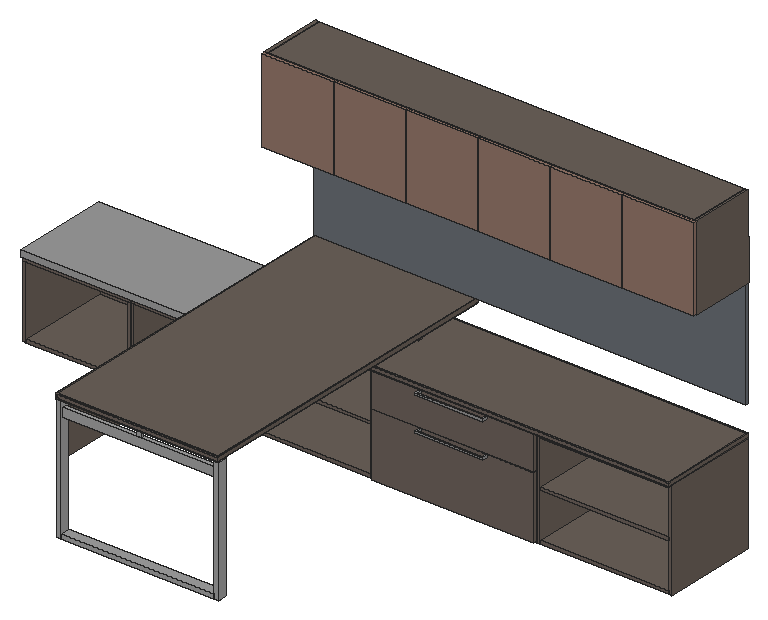
Revit family "T100312", category Furniture, Revit 2015 (continued)
Definition of nested family "STAKS SUPPORT O LEG"
  Dimensions and locks (in)
    aligned and locked: plane 11 to Extrusion 4
    aligned and locked: plane 16 to Extrusion 2
    aligned and locked: plane 16 to Extrusion 3
    aligned and locked: Revolve 5 sketch curve to plane 17
    aligned and locked: Revolve 5 sketch curve to plane 16
    aligned and locked: Extrusion 7 to plane 9
    aligned and locked: plane 12 to Extrusion 7
    aligned and locked: Extrusion 8 to plane 20
    aligned and locked: plane 19 to Extrusion 8
    aligned and locked: plane 11 to Extrusion 9
    aligned and locked: Extrusion 9 to plane 10
    aligned and locked: Extrusion 10 to plane 10
    aligned and locked: plane 11 to Extrusion 10
  Automatic sketch dimensions
    Extrusion 1 sketch curve to plane 5 = 0"  (x2)
    plane 10 to Extrusion 1 sketch curve = 0.1545"
    Extrusion 1 sketch curve to plane 11 = 0.1545"
    Masking region 1 sketch curve to plane 5 = 0"  (x2)
    plane 8 to Masking region 1 sketch curve = 0"
    Masking region 1 sketch curve to plane 6 = 0"
    plane 7 to Masking region 1 sketch curve = 0"
    Masking region 1 sketch curve to plane 3 "Center (Left/Right)" = 0"
    plane 10 to Masking region 1 sketch curve = 0.1545"
    Masking region 1 sketch curve to plane 11 = 0.1545"
    Masking region 2 sketch curve to plane 5 = 0"
    plane 8 to Masking region 2 sketch curve = 0"
    Masking region 2 sketch curve to plane 3 "Center (Left/Right)" = 0"
    plane 10 to Masking region 2 sketch curve = 0"
    Masking region 3 sketch curve to plane 5 = 0"
    plane 11 to Masking region 3 sketch curve = 0"
    Masking region 3 sketch curve to plane 3 "Center (Left/Right)" = 0"
    plane 7 to Masking region 3 sketch curve = 0"
    plane 3 "Center (Left/Right)" to Extrusion 4 sketch curve = 0.186"
    plane 14 "CENTER" to Extrusion 4 sketch curve = 0.186"
    Revolve 5 sketch curve to level = 0"  (x2)
    Revolve 5 sketch curve to plane 7 = 1/4"
    Revolve 5 sketch curve to plane 17 = 0"
    plane 16 to Revolve 5 sketch curve = 0"
    Revolve 6 sketch curve to level = 0"  (x2)
    plane 16 to Revolve 6 sketch curve = 0"  (x2)
    Revolve 6 sketch curve to plane 18 = 0"  (x2)
    Revolve 6 sketch curve to plane 8 = 1/4"
    Extrusion 7 sketch curve to plane 14 "CENTER" = 0.1565"
    Extrusion 7 sketch curve to plane 2 "Center (Front/Back)" = 0.59"
    Extrusion 7 sketch curve to plane 14 "CENTER" = 0.4715"
    plane 2 "Center (Front/Back)" to Extrusion 7 sketch curve = 0.59"
    Extrusion 8 sketch curve to plane 9 = 0"  (x2)
    Extrusion 8 sketch curve to plane 5 = 0"
    plane 5 to Extrusion 8 sketch curve = 0.28954"
    Extrusion 8 sketch curve to plane 12 = 0.64467"
    plane 14 "CENTER" to Extrusion 8 sketch curve = 3/8"
    plane 5 to Extrusion 8 sketch curve = 0.05201"
    Extrusion 8 sketch curve to Extrusion 8 sketch curve = 11/128"
    Extrusion 8 sketch curve to Extrusion 8 sketch curve = 0.08587"
    Extrusion 8 sketch curve to Extrusion 8 sketch curve = 0.64597"
    plane 9 to Extrusion 8 sketch curve = 0.08"
    Extrusion 8 sketch curve to Extrusion 8 sketch curve = 0.05201"
    Extrusion 8 sketch curve to plane 6 = 5/8"
    Extrusion 8 sketch curve to Extrusion 8 sketch curve = 0.00005"
    Extrusion 8 sketch curve to Extrusion 8 sketch curve = 0.00009"
    Extrusion 8 sketch curve to Extrusion 8 sketch curve = 0.03439"
    Extrusion 8 sketch curve to Extrusion 8 sketch curve = 0.08"
    Extrusion 9 sketch curve to plane 3 "Center (Left/Right)" = 0"
    Extrusion 9 sketch curve to plane 16 = 0"
    Extrusion 9 sketch curve to plane 5 = 0"
    Extrusion 9 sketch curve to Extrusion 9 sketch curve = 1"
    Extrusion 10 sketch curve to plane 13 = 0"
    Extrusion 10 sketch curve to plane 14 "CENTER" = 0"
    plane 3 "Center (Left/Right)" to Extrusion 10 sketch curve = 1/4"
    Extrusion 10 sketch curve to plane 16 = 1"
Definition of nested family "OFS ELEMENT OPEN L DESK LEFT AND RIGHT 84in Width 60in Return"
  Parameters (values of type "ELEMENT OPEN L DESK RIGHT RETURN 84in Width 60in Return")
    Worksurface Material = none
    Width = 84"
    URL = "http://www.ofsbrands.com/"
    Transaction Shelf Material = none
    Table Supp from Lateral = 2 5/8"
    Table Supp from Center = 11 1/8"
    Table Depth = 13 1/2"
    Right Return Desk Option = no
    Right Desk Ovelay [instance] = and(Right Return Desk Option, Desk Overlay Option)  # no
    Return Worksurface Width = 22"
    Paper Organizer Material = none
    Paper Organizer Depth = 12 3/4"
    Paper Organizer Clearance = 4 5/8"
    Paper Organizer Board Thickness = 3/4"
    Model = "EL-T84RL60C"
    Manufacturer = "OFS"
    Left Return Desk Option = yes
    Left Desk Overlay [instance] = and(Left Return Desk Option, Desk Overlay Option)  # yes
    Lateral Board Thickness = 1 3/16"
    Height = 45"
    Standoffs Material = none
    Groomet Material = none
    Desk Overlay Thickness = 1/8"
    Desk Overlay Option [instance] = yes
    Desk Overlay Material = none
    Desk Overlay = 6 1/2"
    Description = "OFS BRANDS OFS ELEMENT OPEN L DESK RIGHT RETURN 84\" Width, 84\"W x 34.3125\"D DESK, 60\"W x 22\"D RETURN With Paper Organizer"
    Desk Depth = 34 5/16"
    Depth = 94 5/16"
    Copyright © = "© 2018 OFS BRANDS"
    Catalog = "http://ofs.com/products/casegoods/reception/element"
    Bottom Board Offset = 0"
    Chassis Material = none
    Base Depth = 30"
    Back Board Thickness = 1 3/16"
    Authoring Version = "Autodesk Revit Architecture 2013"
    Assembly Code = "E2020200"
  Types (3): name | Model | Left Return Desk Option | Left Desk Overlay | Description
    (no name) | "EL-T84RL60C" | yes | yes | "OFS BRANDS OFS ELEMENT OPEN L DESK RIGHT RETURN 84\" Width, 84\"W x 34.3125\"D DESK, 60\"W x 22\"D RETURN With Paper Organizer"
    ELEMENT OPEN L DESK LEFT RETURN 84in Width 60in Return | "EL-T84LL60C" | no | no | "OFS BRANDS OFS ELEMENT OPEN L DESK LEFT RETURN 84\" Width, 84\"W x 34.3125\"D DESK, 60\"W x 22\"D RETURN With Paper Organizer"
    ELEMENT OPEN L DESK RIGHT RETURN 84in Width 60in Return | "EL-T84RL60C" | yes | yes | "OFS BRANDS OFS ELEMENT OPEN L DESK RIGHT RETURN 84\" Width, 84\"W x 34.3125\"D DESK, 60\"W x 22\"D RETURN With Paper Organizer"
  Reference planes (in)
    plane 1 "Center Front/Back": y = 0
    plane 2: z = 0
    plane 3 "Center Left/Right": x = 0
    plane 4 "Back External": y = 17.15625
    plane 5 "Right External": x = 42
    plane 6 "Front External": y = -17.15625
    plane 7 "Left External": x = -42
    plane 8 "Seat Height": z = 29.5
    plane 9 "Height": z = 45
    plane 10: x = 40.8125
    plane 11: x = -40.8125
    plane 12: y = 12.84375
    plane 13: y = 11.65625
    plane 14: y = 3.65625
    plane 15: z = 40.5
    plane 16: z = 28.5
    plane 17: z = 43.875
    plane 18: z = 39.375
    plane 19: z = 0
    plane 20: x = 39.375
    plane 21: x = 2.625
    plane 22: x = 35.5
    plane 23: z = 6.5
    plane 24: z = 34
    plane 25: y = 12.96875
    plane 26: y = -77.15625
    plane 27: x = -20
    plane 28: x = 20
    plane 29: y = -75.96875
    plane 30: x = -37
    plane 31: x = 37
    plane 32: y = -47.15625
    plane 33: x = 6.5
    plane 34: y = -18.34375
    plane 35: y = -75.21875
    plane 36: x = -40.0625
    plane 37: y = -19.09375
    plane 38: x = -28.0625
    plane 39: z = 34.125
    plane 40: z = 39.75
    plane 41: z = 34.875
    plane 42: y = -61.5625
    plane 43: y = -32.75
    plane 44: x = -28.8125
    plane 45: x = 20
    plane 46: x = 37
    plane 47: y = -19.09375
    plane 48: x = 28.0625
    plane 49: y = -61.5625
    plane 50: y = -32.75
    plane 51: x = 28.8125
    plane 52: x = -39.375
    plane 53: x = -2.625
    plane 54: x = -35.5
    plane 55: x = -6.5
  Forms (in)
    Extrusion 1, solid, material <- "Chassis Material", visible <- "Left Return Desk Option"
      sketch origin (0, 0, 0) x (1, 0, 0) y (0, 1, 0)
        loop
          line (42, 12.84375) -> (0, 12.84375) -> (0, 11.65625) -> (40.8125, 11.65625) -> (40.8125, -17.15625) -> (42, -17.15625) -> (42, 12.84375)
      from 0 to 40.5
    Extrusion 2, solid, material <- "Chassis Material", visible <- "Left Return Desk Option"
      sketch origin (0, 0, 6) x (1, 0, 0) y (0, 1, 0)
        loop
          line (0, 11.65625) -> (0, 3.65625) -> (40.8125, 3.65625) -> (40.8125, 11.65625) -> (0, 11.65625)
      from 33.375 to 34.5
    Extrusion 3, solid, material <- "Transaction Shelf Material", visible <- "Left Return Desk Option"
      sketch origin (0, 0, 6) x (1, 0, 0) y (0, 1, 0)
        loop
          line (0, 17.15625) -> (0, 3.65625) -> (42, 3.65625) -> (42, 17.15625) -> (0, 17.15625)
      from 37.875 to 39
    Extrusion 4, solid, material <- "Standoffs Material", visible <- "Left Return Desk Option"
      sketch origin (44.5, 0, 0) x (1, 0, 0) y (0, 1, 0)
        loop
          circle (-41.875, 10.04085) r 0.625
      from 40.5 to 43.875
    Extrusion 5, solid, material <- "Standoffs Material", visible <- "Left Return Desk Option"
      sketch origin (44.5, -4.75, 0) x (1, 0, 0) y (0, 1, 0)
        loop
          circle (-41.875, 10.04085) r 0.625
      from 40.5 to 43.875
    Extrusion 6, solid, material <- "Standoffs Material", visible <- "Left Return Desk Option"
      sketch origin (66.75, 0, 0) x (1, 0, 0) y (0, 1, 0)
        loop
          circle (-27.375, 10.04085) r 0.625
      from 40.5 to 43.875
    Extrusion 7, solid, material <- "Standoffs Material", visible <- "Left Return Desk Option"
      sketch origin (66.75, -4.75, 0) x (1, 0, 0) y (0, 1, 0)
        loop
          circle (-27.375, 10.04085) r 0.625
      from 40.5 to 43.875
    Extrusion 8, solid, material <- "Chassis Material", visible <- "Left Return Desk Option"
      sketch origin (0, 0, 0) x (1, 0, 0) y (0, 1, 0)
        loop
          line (-42, -17.15625) -> (-42, -77.15625) -> (-20, -77.15625) -> (-20, -75.96875) -> (-40.8125, -75.96875) -> (-40.8125, -18.34375) -> (-20, -18.34375) -> (-20, -17.15625) -> (-42, -17.15625)
      from 0 to 40.5
    Extrusion 9, solid, material <- "Worksurface Material", visible <- "Left Return Desk Option"
      sketch origin (14.83926, -32.43958, 0) x (1, 0, 0) y (0, 1, 0)
        loop
          line (-55.65176, 14.09583) -> (-55.65176, -43.52917) -> (-34.83926, -43.52917) -> (-34.83926, 14.09583) -> (-55.65176, 14.09583)
      from 28.5 to 29.5
    Extrusion 10, solid, material <- "Desk Overlay Material", visible <- "Left Desk Overlay"
      sketch origin (0, 0, 0) x (1, 0, 0) y (0, 0, 1)
        loop
          line (35.5, 34) -> (6.5, 34) -> (6.5, 6.5) -> (35.5, 6.5) -> (35.5, 34)
      from -12.96875 to -12.84375
    Extrusion 11, solid, material <- "Chassis Material", visible <- "Left Return Desk Option"
      sketch origin (-18.5848, -3.95032, 0) x (1, 0, 0) y (0, 1, 0)
        loop
          line (19.7723, 15.60657) -> (18.5848, 15.60657) -> (18.5848, 3.95032) -> (19.7723, 3.95032) -> (19.7723, 15.60657)
      from 0 to 28.5
    Extrusion 12, solid, material <- "Paper Organizer Material", visible <- "Left Return Desk Option"
      sketch origin (0, 0, 0) x (1, 0, 0) y (0, 1, 0)
        loop
          line (-28.0625, -19.09375) -> (-28.0625, -18.34375) -> (-40.8125, -18.34375) -> (-40.8125, -75.96875) -> (-28.0625, -75.96875) -> (-28.0625, -75.21875) -> (-40.0625, -75.21875) -> (-40.0625, -19.09375) -> (-28.0625, -19.09375)
      from 34.125 to 40.5
    Extrusion 13, solid, material <- "Paper Organizer Material", visible <- "Left Return Desk Option"
      sketch origin (0, 0, 0) x (1, 0, 0) y (0, 1, 0)
        loop
          line (-40.8125, -18.34375) -> (-40.8125, -75.96875) -> (-28.0625, -75.96875) -> (-28.0625, -18.34375) -> (-40.8125, -18.34375)
      from 39.75 to 40.5
    Extrusion 14, solid, material <- "Paper Organizer Material", visible <- "Left Return Desk Option"
      sketch origin (0, 0, 0) x (1, 0, 0) y (0, 1, 0)
        loop
          line (-40.8125, -18.34375) -> (-40.8125, -75.96875) -> (-28.0625, -75.96875) -> (-28.0625, -18.34375) -> (-40.8125, -18.34375)
      from 34.125 to 34.875
    Extrusion 15, solid, material <- "Paper Organizer Material", visible <- "Left Return Desk Option"
      sketch origin (0, 0, 0) x (1, 0, 0) y (0, 1, 0)
        loop
          line (-40.0625, -32.625) -> (-40.0625, -32.875) -> (-28.8125, -32.875) -> (-28.8125, -32.625) -> (-40.0625, -32.625)
      from 34.875 to 39.75
    Extrusion 16, solid, material <- "Paper Organizer Material", visible <- "Left Return Desk Option"
      sketch origin (0, -11.40625, 0) x (1, 0, 0) y (0, 1, 0)
        loop
          line (-40.0625, -35.625) -> (-40.0625, -35.875) -> (-28.8125, -35.875) -> (-28.8125, -35.625) -> (-40.0625, -35.625)
      from 34.875 to 39.75
    Extrusion 17, solid, material <- "Paper Organizer Material", visible <- "Left Return Desk Option"
      sketch origin (0, -22.8125, 0) x (1, 0, 0) y (0, 1, 0)
        loop
          line (-40.0625, -38.625) -> (-40.0625, -38.875) -> (-28.8125, -38.875) -> (-28.8125, -38.625) -> (-40.0625, -38.625)
      from 34.875 to 39.75
    Extrusion 18, solid, material <- "Chassis Material", visible <- "Right Return Desk Option"
      sketch origin (0, 0, 0) x (-1, 0, 0) y (0, -1, 0)
        loop
          line (-42, 17.15625) -> (-20, 17.15625) -> (-20, 18.34375) -> (-40.8125, 18.34375) -> (-40.8125, 75.96875) -> (-20, 75.96875) -> (-20, 77.15625) -> (-42, 77.15625) -> (-42, 17.15625)
      from 0 to 40.5
    Extrusion 19, solid, material <- "Worksurface Material", visible <- "Right Return Desk Option"
      sketch origin (-14.83926, -32.43958, 0) x (-1, 0, 0) y (0, -1, 0)
        loop
          line (-55.65176, -14.09583) -> (-34.83926, -14.09583) -> (-34.83926, 43.52917) -> (-55.65176, 43.52917) -> (-55.65176, -14.09583)
      from 28.5 to 29.5
    Extrusion 20, solid, material <- "Paper Organizer Material", visible <- "Right Return Desk Option"
      sketch origin (0, 0, 0) x (-1, 0, 0) y (0, -1, 0)
        loop
          line (-28.0625, 19.09375) -> (-40.0625, 19.09375) -> (-40.0625, 75.21875) -> (-28.0625, 75.21875) -> (-28.0625, 75.96875) -> (-40.8125, 75.96875) -> (-40.8125, 18.34375) -> (-28.0625, 18.34375) -> (-28.0625, 19.09375)
      from 34.125 to 40.5
    Extrusion 21, solid, material <- "Paper Organizer Material", visible <- "Right Return Desk Option"
      sketch origin (0, 0, 0) x (-1, 0, 0) y (0, -1, 0)
        loop
          line (-40.8125, 18.34375) -> (-28.0625, 18.34375) -> (-28.0625, 75.96875) -> (-40.8125, 75.96875) -> (-40.8125, 18.34375)
      from 39.75 to 40.5
    Extrusion 22, solid, material <- "Paper Organizer Material", visible <- "Right Return Desk Option"
      sketch origin (0, 0, 0) x (-1, 0, 0) y (0, -1, 0)
        loop
          line (-40.8125, 18.34375) -> (-28.0625, 18.34375) -> (-28.0625, 75.96875) -> (-40.8125, 75.96875) -> (-40.8125, 18.34375)
      from 34.125 to 34.875
    Extrusion 23, solid, material <- "Paper Organizer Material", visible <- "Right Return Desk Option"
      sketch origin (0, 0, 0) x (-1, 0, 0) y (0, -1, 0)
        loop
          line (-40.0625, 32.625) -> (-28.8125, 32.625) -> (-28.8125, 32.875) -> (-40.0625, 32.875) -> (-40.0625, 32.625)
      from 34.875 to 39.75
    Extrusion 24, solid, material <- "Paper Organizer Material", visible <- "Right Return Desk Option"
      sketch origin (0, -11.40625, 0) x (-1, 0, 0) y (0, -1, 0)
        loop
          line (-40.0625, 35.625) -> (-28.8125, 35.625) -> (-28.8125, 35.875) -> (-40.0625, 35.875) -> (-40.0625, 35.625)
      from 34.875 to 39.75
    Extrusion 25, solid, material <- "Paper Organizer Material", visible <- "Right Return Desk Option"
      sketch origin (0, -22.8125, 0) x (-1, 0, 0) y (0, -1, 0)
        loop
          line (-40.0625, 38.625) -> (-28.8125, 38.625) -> (-28.8125, 38.875) -> (-40.0625, 38.875) -> (-40.0625, 38.625)
      from 34.875 to 39.75
    Extrusion 26, solid, material <- "Worksurface Material", visible <- "Right Return Desk Option"
      sketch origin (0, 0, 0) x (-1, 0, 0) y (0, -1, 0)
        loop
          line (-36, -11.65625) -> (40.8125, -11.65625) -> (40.8125, 17.15625) -> (-42, 17.15625) -> (-42, -5.65625)
          arc (-42, -5.65625) -> (-40.24264, -9.89889) -> (-36, -11.65625) r 6
      from 28.5 to 29.5
    Extrusion 27, solid, material <- "Chassis Material", visible <- "Right Return Desk Option"
      sketch origin (0, 0, 0) x (-1, 0, 0) y (0, -1, 0)
        loop
          line (42, -12.84375) -> (42, 17.15625) -> (40.8125, 17.15625) -> (40.8125, -11.65625) -> (0, -11.65625) -> (0, -12.84375) -> (42, -12.84375)
      from 0 to 40.5
    Extrusion 28, solid, material <- "Transaction Shelf Material", visible <- "Right Return Desk Option"
      sketch origin (0, 0, 6) x (-1, 0, 0) y (0, -1, 0)
        loop
          line (0, -17.15625) -> (42, -17.15625) -> (42, -3.65625) -> (0, -3.65625) -> (0, -17.15625)
      from 37.875 to 39
    Extrusion 29, solid, material <- "Standoffs Material", visible <- "Right Return Desk Option"
      sketch origin (-44.5, 0, 0) x (-1, 0, 0) y (0, -1, 0)
        loop
          circle (-41.875, -10.04085) r 0.625
      from 40.5 to 43.875
    Extrusion 30, solid, material <- "Standoffs Material", visible <- "Right Return Desk Option"
      sketch origin (-44.5, -4.75, 0) x (-1, 0, 0) y (0, -1, 0)
        loop
          circle (-41.875, -10.04085) r 0.625
      from 40.5 to 43.875
    Extrusion 31, solid, material <- "Standoffs Material", visible <- "Right Return Desk Option"
      sketch origin (-66.75, 0, 0) x (-1, 0, 0) y (0, -1, 0)
        loop
          circle (-27.375, -10.04085) r 0.625
      from 40.5 to 43.875
    Extrusion 32, solid, material <- "Standoffs Material", visible <- "Right Return Desk Option"
      sketch origin (-66.75, -4.75, 0) x (-1, 0, 0) y (0, -1, 0)
        loop
          circle (-27.375, -10.04085) r 0.625
      from 40.5 to 43.875
    Extrusion 33, solid, material <- "Chassis Material", visible <- "Right Return Desk Option"
      sketch origin (18.5848, -3.95032, 0) x (-1, 0, 0) y (0, -1, 0)
        loop
          line (19.7723, -15.60657) -> (19.7723, -3.95032) -> (18.5848, -3.95032) -> (18.5848, -15.60657) -> (19.7723, -15.60657)
      from 0 to 28.5
    Extrusion 34, solid, material <- "Chassis Material", visible <- "Right Return Desk Option"
      sketch origin (0, 0, 6) x (-1, 0, 0) y (0, -1, 0)
        loop
          line (0, -11.65625) -> (40.8125, -11.65625) -> (40.8125, -3.65625) -> (0, -3.65625) -> (0, -11.65625)
      from 33.375 to 34.5
    Extrusion 35, solid, material <- "Desk Overlay Material", visible <- "Right Desk Ovelay"
      sketch origin (0, 0, 0) x (-1, 0, 0) y (0, 0, -1)
        loop
          line (35.5, -34) -> (35.5, -6.5) -> (6.5, -6.5) -> (6.5, -34) -> (35.5, -34)
      from -12.96875 to -12.84375
    Extrusion 36, solid, material <- "Worksurface Material", visible <- "Left Return Desk Option"
      sketch origin (0, 0, 0) x (1, 0, 0) y (0, 1, 0)
        loop
          arc (-36, 11.65625) -> (-40.24264, 9.89889) -> (-42, 5.65625) r 6
          line (-42, 5.65625) -> (-42, -17.15625) -> (40.8125, -17.15625) -> (40.8125, 11.65625) -> (-36, 11.65625)
      from 28.5 to 29.5
  Cuts and joins
    joined: Extrusion 12, Extrusion 13, Extrusion 14
    joined: Extrusion 20, Extrusion 21, Extrusion 22
  Dimensions and locks (in)
    equal spacing: plane 7 "Left External", plane 3 "Center Left/Right", plane 5 "Right External"
    "Width": plane 7 "Left External" to plane 5 "Right External"
    equal spacing: plane 6 "Front External", plane 1 "Center Front/Back", plane 4 "Back External"
    "Desk Depth": plane 4 "Back External" to plane 6 "Front External"
    plane 8 "Seat Height" to level = 29 1/2"
    "Height": plane 9 "Height" to level
    "Lateral Board Thickness": plane 7 "Left External" to plane 11
    "Lateral Board Thickness": plane 10 to plane 5 "Right External"
    "Base Depth": plane 12 to plane 6 "Front External"
    "Back Board Thickness": plane 12 to plane 13
    "Table Depth": plane 4 "Back External" to plane 14
    plane 15 to level = 40 1/2"
    "Bottom Board Offset": plane 19 to level
    "Table Supp from Lateral": plane 5 "Right External" to plane 20
    "Table Supp from Lateral": plane 21 to plane 3 "Center Left/Right"
    "Desk Overlay": plane 5 "Right External" to plane 22
    "Desk Overlay": plane 24 to plane 15
    "Desk Overlay": plane 19 to plane 23
    "Desk Overlay Thickness": plane 25 to plane 12
    "Depth": plane 4 "Back External" to plane 26
    "Return Worksurface Width": plane 7 "Left External" to plane 27
    "Return Worksurface Width": plane 28 to plane 5 "Right External"
    "Back Board Thickness": plane 29 to plane 26
    plane 7 "Left External" to plane 30 = 5"
    plane 31 to plane 5 "Right External" = 5"
    equal spacing: plane 34, plane 43, plane 32, plane 42, plane 29
    "Desk Overlay": plane 33 to plane 3 "Center Left/Right"
    "Back Board Thickness": plane 6 "Front External" to plane 34
    "Paper Organizer Board Thickness": plane 34 to plane 37
    "Paper Organizer Board Thickness": plane 11 to plane 36
    "Paper Organizer Board Thickness": plane 35 to plane 29
    "Paper Organizer Depth": plane 11 to plane 38
    "Paper Organizer Clearance": plane 39 to plane 8 "Seat Height"
    "Paper Organizer Board Thickness": plane 15 to plane 40
    "Paper Organizer Board Thickness": plane 41 to plane 39
    "Paper Organizer Board Thickness": plane 44 to plane 38
    "Return Worksurface Width": plane 5 "Right External" to plane 45
    plane 29 to plane 26 = 1 3/16"
    plane 5 "Right External" to plane 46 = 5"
    plane 34 to plane 50 to plane 32 to plane 49 to plane 29 = 14 13/32", 14 13/32", 14 13/32", 14 13/32"
    "Paper Organizer Board Thickness": plane 34 to plane 47
    plane 35 to plane 29 = 3/4"
    "Paper Organizer Depth": plane 10 to plane 48
    "Paper Organizer Board Thickness": plane 51 to plane 48
    "Table Supp from Lateral": plane 53 to plane 3 "Center Left/Right"
    "Table Supp from Lateral": plane 7 "Left External" to plane 52
    locked: plane 7 "Left External" to plane 54 at 6.5
    aligned and locked: level to plane 2
    aligned and locked: Extrusion 1 sketch curve to plane 12
    aligned and locked: plane 5 "Right External" to Extrusion 1 sketch curve
    aligned and locked: Extrusion 1 sketch curve to plane 13
    aligned and locked: Extrusion 1 to plane 19
    aligned and locked: Extrusion 2 to plane 18
    aligned and locked: plane 10 to Extrusion 2
    aligned and locked: Extrusion 2 to plane 13
    aligned and locked: Extrusion 2 to plane 14
    aligned and locked: Extrusion 3 to plane 14
    aligned and locked: Extrusion 3 to plane 4 "Back External"
    aligned and locked: Extrusion 3 to plane 9 "Height"
    aligned and locked: Extrusion 3 to plane 17
    aligned and locked: plane 5 "Right External" to Extrusion 3
    aligned and locked: Extrusion 8 sketch curve to plane 29
    aligned and locked: plane 27 to Extrusion 8 sketch curve
    aligned and locked: plane 26 to Extrusion 8 sketch curve
    aligned and locked: Extrusion 8 sketch curve to plane 6 "Front External"
    aligned and locked: plane 11 to Extrusion 9
    aligned and locked: Extrusion 9 to plane 27
    aligned and locked: Extrusion 9 to plane 29
    aligned and locked: Extrusion 8 to plane 19
    aligned and locked: plane 15 to Extrusion 8
    aligned and locked: Extrusion 3 to plane 3 "Center Left/Right"
    aligned and locked: Extrusion 2 to plane 3 "Center Left/Right"
    aligned and locked: Extrusion 10 to plane 33
    aligned and locked: Extrusion 10 to plane 22
    aligned and locked: Extrusion 8 sketch curve to plane 34
    aligned and locked: Extrusion 9 to Extrusion 8 sketch curve
    aligned and locked: Extrusion 9 to Extrusion 8
    aligned and locked: plane 37 to Extrusion 12 sketch curve
    aligned and locked: plane 36 to Extrusion 12 sketch curve
    aligned and locked: Extrusion 12 sketch curve to plane 35
    aligned and locked: Extrusion 12 sketch curve to Extrusion 8  (x3)
    aligned and locked: plane 38 to Extrusion 12 sketch curve  (x2)
    aligned and locked: plane 15 to Extrusion 12
    aligned and locked: Extrusion 12 to plane 39
    aligned and locked: Extrusion 13 sketch curve to Extrusion 8  (x2)
    aligned and locked: Extrusion 13 sketch curve to Extrusion 12  (x2)
    aligned and locked: Extrusion 13 to plane 40
    aligned and locked: plane 15 to Extrusion 13
    aligned and locked: Extrusion 14 sketch curve to Extrusion 8  (x2)
    aligned and locked: plane 29 to Extrusion 14 sketch curve
    aligned and locked: Extrusion 14 sketch curve to plane 38
    aligned and locked: Extrusion 14 to plane 39
    aligned and locked: plane 41 to Extrusion 14
    aligned and locked: Extrusion 15 to plane 41
    aligned and locked: Extrusion 16 to plane 41
    aligned and locked: Extrusion 17 to plane 41
    aligned and locked: plane 40 to Extrusion 15
    aligned and locked: plane 40 to Extrusion 16
    aligned and locked: plane 40 to Extrusion 17
    aligned and locked: plane 29 to Extrusion 18 sketch curve
    aligned and locked: plane 45 to Extrusion 18 sketch curve
    aligned and locked: Extrusion 18 sketch curve to plane 26
    aligned and locked: plane 45 to Extrusion 19
    aligned and locked: plane 29 to Extrusion 19
    aligned and locked: Extrusion 18 sketch curve to plane 34
    aligned and locked: Extrusion 19 to Extrusion 18 sketch curve
    aligned and locked: Extrusion 18 to Extrusion 19
    aligned and locked: Extrusion 20 sketch curve to plane 47
    aligned and locked: plane 35 to Extrusion 20 sketch curve
    aligned and locked: Extrusion 18 to Extrusion 20 sketch curve
    aligned and locked: Extrusion 20 sketch curve to Extrusion 18  (x2)
    aligned and locked: Extrusion 20 sketch curve to plane 48
    aligned and locked: plane 48 to Extrusion 20 sketch curve
    aligned and locked: Extrusion 21 sketch curve to Extrusion 18  (x2)
    aligned and locked: Extrusion 21 sketch curve to Extrusion 20  (x2)
    aligned and locked: Extrusion 22 sketch curve to Extrusion 18  (x2)
    aligned and locked: Extrusion 22 sketch curve to plane 29
    aligned and locked: plane 48 to Extrusion 22 sketch curve
    aligned and locked: Extrusion 26 to Extrusion 27 sketch curve
    aligned and locked: Extrusion 27 sketch curve to Extrusion 26
    aligned and locked: Extrusion 26 to Extrusion 33
    aligned and locked: plane 55 to Extrusion 35
    aligned and locked: plane 54 to Extrusion 35
  Automatic sketch dimensions
    Extrusion 1 sketch curve to plane 3 "Center Left/Right" = 0"
    plane 6 "Front External" to Extrusion 1 sketch curve = 0"
    Extrusion 1 sketch curve to plane 10 = 0"
    Extrusion 2 sketch curve to plane 3 "Center Left/Right" = 0"
    Extrusion 2 sketch curve to plane 10 = 0"
    Extrusion 2 sketch curve to plane 14 = 0"
    Extrusion 2 sketch curve to plane 13 = 0"
    Extrusion 3 sketch curve to plane 3 "Center Left/Right" = 0"
    Extrusion 3 sketch curve to plane 5 "Right External" = 0"
    Extrusion 3 sketch curve to plane 14 = 0"
    Extrusion 3 sketch curve to plane 4 "Back External" = 0"
    Extrusion 4 sketch curve to plane 21 = 0"
    Extrusion 4 sketch curve to plane 13 = 1.6154"
    Extrusion 5 sketch curve to plane 21 = 0"
    plane 14 to Extrusion 5 sketch curve = 1.6346"
    Extrusion 6 sketch curve to plane 20 = 0"
    Extrusion 6 sketch curve to plane 13 = 1.6154"
    Extrusion 7 sketch curve to plane 20 = 0"
    plane 14 to Extrusion 7 sketch curve = 1.6346"
    Extrusion 8 sketch curve to plane 7 "Left External" = 0"
    Extrusion 8 sketch curve to plane 11 = 0"
    Extrusion 9 sketch curve to plane 11 = 0"
    Extrusion 9 sketch curve to plane 27 = 0"
    Extrusion 9 sketch curve to plane 29 = 0"
    Extrusion 9 sketch curve to plane 34 = 0"
    Extrusion 10 sketch curve to plane 24 = 0"
    Extrusion 10 sketch curve to plane 33 = 0"
    plane 22 to Extrusion 10 sketch curve = 0"
    Extrusion 10 sketch curve to plane 23 = 0"
    Extrusion 11 sketch curve to plane 3 "Center Left/Right" = 0"
    plane 1 "Center Front/Back" to Extrusion 11 sketch curve = 0"
    Extrusion 11 sketch curve to plane 13 = 0"
    Extrusion 11 sketch curve to Extrusion 11 sketch curve = 1 3/16"
    Extrusion 12 sketch curve to plane 37 = 0"
    Extrusion 15 sketch curve to plane 36 = 0"
    Extrusion 15 sketch curve to plane 44 = 0"
    Extrusion 15 sketch curve to plane 43 = 1/8"
    plane 43 to Extrusion 15 sketch curve = 1/8"
    Extrusion 16 sketch curve to plane 36 = 0"
    Extrusion 16 sketch curve to plane 44 = 0"
    Extrusion 16 sketch curve to plane 32 = 1/8"
    plane 32 to Extrusion 16 sketch curve = 1/8"
    Extrusion 17 sketch curve to plane 36 = 0"
    Extrusion 17 sketch curve to plane 44 = 0"
    Extrusion 17 sketch curve to plane 42 = 1/8"
    plane 42 to Extrusion 17 sketch curve = 1/8"
    Extrusion 18 sketch curve to plane 5 "Right External" = 0"
    Extrusion 18 sketch curve to plane 10 = 0"
    Extrusion 18 sketch curve to plane 6 "Front External" = 0"
    Extrusion 19 sketch curve to plane 10 = 0"
    Extrusion 19 sketch curve to plane 28 = 0"
    Extrusion 19 sketch curve to plane 29 = 0"
    plane 34 to Extrusion 19 sketch curve = 0"
    plane 37 to Extrusion 20 sketch curve = 0"
    plane 20 to Extrusion 20 sketch curve = 11/16"
    Extrusion 23 sketch curve to plane 51 = 0"
    plane 43 to Extrusion 23 sketch curve = 1/8"
    Extrusion 23 sketch curve to plane 43 = 1/8"
    plane 20 to Extrusion 23 sketch curve = 11/16"
    Extrusion 24 sketch curve to plane 51 = 0"
    plane 32 to Extrusion 24 sketch curve = 1/8"
    Extrusion 24 sketch curve to plane 32 = 1/8"
    plane 20 to Extrusion 24 sketch curve = 11/16"
    Extrusion 25 sketch curve to plane 51 = 0"
    plane 42 to Extrusion 25 sketch curve = 1/8"
    Extrusion 25 sketch curve to plane 42 = 1/8"
    plane 20 to Extrusion 25 sketch curve = 11/16"
    Extrusion 26 sketch curve to plane 5 "Right External" = 0"
    Extrusion 26 sketch curve to plane 13 = 0"
    Extrusion 26 sketch curve to plane 11 = 0"
    Extrusion 26 sketch curve to plane 6 "Front External" = 0"
    plane 22 to Extrusion 26 sketch curve = 1/2"
    Extrusion 27 sketch curve to plane 3 "Center Left/Right" = 0"
    Extrusion 27 sketch curve to plane 7 "Left External" = 0"
    Extrusion 27 sketch curve to plane 13 = 0"
    Extrusion 27 sketch curve to plane 12 = 0"
    Extrusion 28 sketch curve to plane 3 "Center Left/Right" = 0"
    Extrusion 28 sketch curve to plane 7 "Left External" = 0"
    Extrusion 28 sketch curve to plane 4 "Back External" = 0"
    Extrusion 28 sketch curve to plane 14 = 0"
    Extrusion 29 sketch curve to plane 53 = 0"
    plane 13 to Extrusion 29 sketch curve = 1.6154"
    Extrusion 30 sketch curve to plane 53 = 0"
    Extrusion 30 sketch curve to plane 14 = 1.6346"
    Extrusion 31 sketch curve to plane 52 = 0"
    plane 13 to Extrusion 31 sketch curve = 1.6154"
    Extrusion 32 sketch curve to plane 52 = 0"
    Extrusion 32 sketch curve to plane 14 = 1.6346"
    Extrusion 33 sketch curve to plane 3 "Center Left/Right" = 0"
    plane 1 "Center Front/Back" to Extrusion 33 sketch curve = 0"
    Extrusion 33 sketch curve to plane 13 = 0"
    Extrusion 33 sketch curve to Extrusion 33 sketch curve = 1 3/16"
    Extrusion 34 sketch curve to plane 3 "Center Left/Right" = 0"
    Extrusion 34 sketch curve to plane 11 = 0"
    Extrusion 34 sketch curve to plane 13 = 0"
    Extrusion 34 sketch curve to plane 14 = 0"
    Extrusion 35 sketch curve to plane 24 = 0"
    plane 55 to Extrusion 35 sketch curve = 0"
    Extrusion 35 sketch curve to plane 23 = 0"
    plane 54 to Extrusion 35 sketch curve = 0"
    Extrusion 36 sketch curve to plane 7 "Left External" = 0"
    Extrusion 36 sketch curve to plane 13 = 0"
    Extrusion 36 sketch curve to plane 10 = 0"
    plane 6 "Front External" to Extrusion 36 sketch curve = 0"
    Extrusion 36 sketch curve to plane 54 = 1/2"
    radius of Extrusion 4 sketch curve = 5/8"
    radius of Extrusion 5 sketch curve = 5/8"
    radius of Extrusion 6 sketch curve = 5/8"
    radius of Extrusion 7 sketch curve = 5/8"
    radius of Extrusion 29 sketch curve = 5/8"
    radius of Extrusion 30 sketch curve = 5/8"
    radius of Extrusion 31 sketch curve = 5/8"
    radius of Extrusion 32 sketch curve = 5/8"
Types (3): name | Description
  (no name) | "OFS TYPICAL T100312"
  T100 | "OFS TYPICAL T100"
  T100312 | "OFS TYPICAL T100312"
